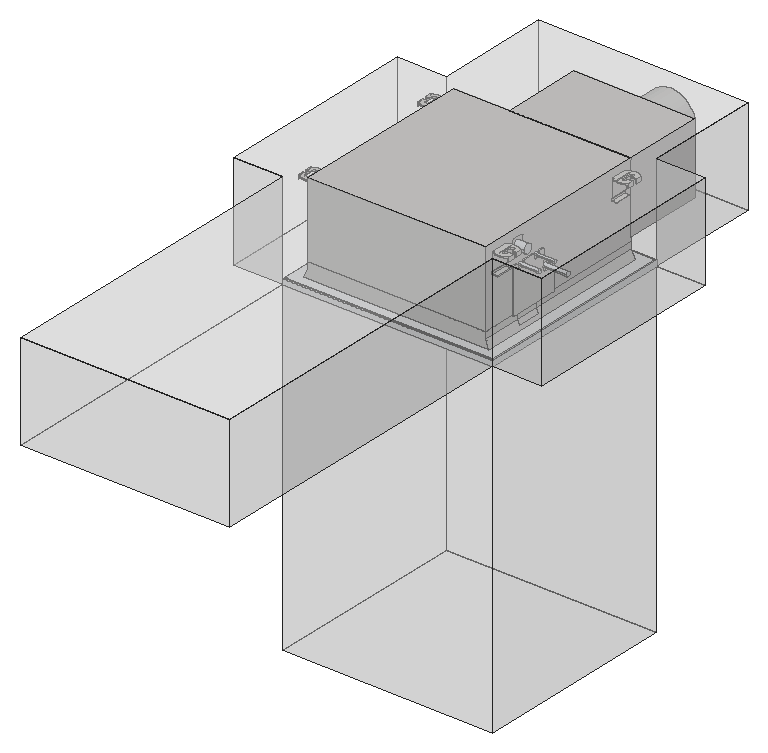
Revit family "outputfile", category 機械設備, Revit 2024
Family settings
  丸型コネクタ寸法 = 半径を使用
  種別 = なし
  パーツ タイプ = 標準
  OmniClass 番号 = 23.75.10.24.21.27.27
  OmniClass タイトル = Split System Air Conditioning Units
  作業面ベース = いいえ
  常に垂直 = はい
  ロード時にボイドで切り取り = いいえ
  注釈の向きを維持 = いいえ
  共有 = いいえ
  部屋計算ポイント = はい
Parameters (values of type "FPEBQ20AV1")
  書き出し IFC クラス(タイプ) = "IfcUnitaryEquipmentType"
  定義済み IFC タイプ(タイプ) = "AIRCONDITIONINGUNIT"
  r_OA Duct Size = OA Duct Size Diameter / 2  # 75.0 mm
  r_HP/LP Gas Pipe Size = [HP/LP Gas Pipe Size] / 2  # 4.75 mm
  製造元 = "Daikin"
  モデル = "FPEBQ20AV1"
  w_power = 270.0 mm
  w_HP/LP Gas Pipe Size = 334.0 mm
  w_gaspipe = 344.0 mm
  w_drainpipe = 303.0 mm
  w_liquidpipe = 334.0 mm
  r_Liquid Pipe Size = Liquid Pipe Size / 2  # 3.2 mm
  r_Gas Pipe Size = Gas Pipe Size / 2  # 6.35 mm
  r_Drain Pipe Size = Drain Pipe Size / 2  # 13.0 mm
  lw_OA = (Width - 295.0 mm) / 2  # 172.5 mm
  lh_liquidpipe = 176.0 mm
  lh_HP/LP Gas Pipe Size = 176.0 mm
  lh_OA = 220.0 mm
  ld_HP/LP Gas Pipe Size = 150.0 mm
  ld_OA = 100.0 mm
  Voltage_comment_50Hz = "220 - 240"
  Voltage_50Hz = 230 V
  Phase_50Hz = 1
  OA Duct Size Diameter = 150.0 mm
  Minimum Circuit Amps_50Hz = 0.6 A
  Maximum Fuse Amps_50Hz = 16.0 A
  Material_Casing = DAIKIN_GalvanizedSteel_Casing_indoorunit
  lw_drainpipe = 50.0 mm
  lw_connection = 75.0 mm
  lh_powersuply = 27.0 mm
  lh_drainpipe = 230.0 mm
  lh_gaspipe = 129.0 mm
  ld_powersuply = 100.0 mm
  ld_liquidpipe = 90.0 mm
  ld_gaspipe = 53.0 mm
  ld_drainpipe = 157.0 mm
  h_mountinghole = 254.0 mm
  h_casing = 275.0 mm
  h_antenna = h_casing - h_mountinghole + 1.0 mm  # 22.0 mm
  d_mountinghole = 456.0 mm
  Width = 640.0 mm
  w_mountinghole = 603.0 mm
  w_branch duct connection = if(Width = 1070.0 mm, 360.0 mm, 615.0 mm)  # 615.0 mm
  w_block = if(Width = 1285.0 mm, 36.5 mm, 36.0 mm)  # 36.0 mm
  Version = "ver.1.0"
  Unit Type = "Ventilating Moisture Bathroom Cassette"
  Unit Mass Weight = 22.00 kg
  Unit Designation [instance] = ""
  Uniclass2015Version = "Products v1.30"
  Uniclass2015Title = "Variable refrigerant flow units"
  Uniclass2015Code = "Pr_70_65_03_94"
  Total Cooling Capacity [instance] = 0.000 kW
  Sound Pressure Level_M speed (dBA) = 0
  Sound Pressure Level_L speed (dBA) = 26
  Sound Pressure Level_H speed (dBA) = 43
  Series = "VRV HOME_Fan Coil Unit"
  Sensible Cooling Capacity [instance] = 0.000 kW
  Refrigerant Type = "R410A"
  r_branch duct connection = if(Width = 1070.0 mm, 154.5 mm, 262.5 mm)  # 262.5 mm
  Power Input (Cooling) = 0.054 kW
  Option Accessory 3 [instance] = ""
  Option Accessory 2 [instance] = ""
  Option Accessory 1 [instance] = ""
  Nominal Cooling Capacity = 1.950 kW
  Minimum Airflow = 180.00 m³/h
  Median Airflow = 0.00 m³/h
  Maximum Airflow = 420.00 m³/h
  Load Classification = HVAC
  Liquid Pipe Size = 6.4 mm
  Link_Nested Family [instance] = ""
  l_branch duct connection = if(Width = 1070.0 mm, 282.5 mm, 374.5 mm)  # 374.5 mm
  IfcVersion = ""
  IfcExportType = "AIRCONDITIONINGUNIT"
  IfcExportAs = "IfcUnitaryEquipmentType"
  Height = 295.0 mm
  Heat Exchanger Type = "Cross Fin Coil"
  HP/LP Gas Pipe Size = 9.5 mm
  Gas Pipe Size = 12.7 mm
  Frequency_50Hz = 50 Hz
  Fan Type = "Sirocco Fan"
  Fan Drive = "Direct Drive"
  FCU Tag No. [instance] = ""
  Drain Pipe Size = 26.0 mm
  Design Supply Airflow [instance] = 0.00 m³/h
  Design Outdoor Airflow [instance] = 0.00 m³/h
  Depth = 625.0 mm
  既定の高さ = 0.0 mm
  Cooling Entering Wet Bulb Temperature [instance] = 0.00 °C
  Cooling Entering Dry Bulb Temperature [instance] = 0.00 °C
  Cooling Ambient Wet Bulb Temperature [instance] = 0.00 °C
  Cooling Ambient Dry Bulb Temperature [instance] = 0.00 °C
  Clearance visibility [instance] = yes
  Clearance Top = 0.0 mm
  Clearance Right = 150.0 mm
  Clearance Rear = 350.0 mm
  Clearance Left = 150.0 mm
  Clearance Front = 1000.0 mm
  Clearance Bottom = 1000.0 mm
  switch_Branch duct connection2 visibility = Width = 1740.0 mm  # no
  switch_Branch duct connection1 visibility = or((Width = 1070.0 mm), (Width = 1285.0 mm))  # no
Reference planes
  plane 1 "Center (Front/Back)": y = 0
  plane 2 "ceiling plane": z = 0
  plane 3 "Center (Left/Right)": x = 0
  plane 4 "Back": y = 312.5
  plane 5 "Front": y = -312.5
  plane 6 "Left": x = -320
  plane 7 "Right": x = 320
  plane 8 "Top": z = 275
  plane 9 "Bottom": z = -20
  plane 10: z = 45
  plane 11: z = 275
  plane 12: x = -301.5
  plane 13: x = 301.5
  plane 14: y = 228
  plane 15: y = -228
  plane 16: z = 254
  plane 17: x = 303
  plane 18: x = 334
  plane 19: y = -100
  plane 20 "Clearance Rear": y = 662.5
  plane 21 "Clearance Front": y = -1312.5
  plane 22 "Clearance Left": x = -470
  plane 23 "Clearance Right": x = 470
  plane 24 "Clearance Top": z = 275
  plane 25 "Clearance Bottom": z = -1000
  plane 26: y = -90
  plane 27: y = -53
  plane 28: y = -157
  plane 29: z = 27
  plane 30: z = 129
  plane 31: z = 230
  plane 32: z = 220
  plane 33: x = 160
  plane 34: y = -260
  plane 35: z = 176
  plane 36: y = -150
  plane 37: x = 344
Forms (mm)
  Extrusion 1, solid, material "DAIKIN_GalvanizedSteel_Casing_indoorunit" <- "Material_Casing"
    sketch origin (0, 0, 0) x (1, 0, 0) y (0, 1, 0)
      loop
        line (-270, 277.5) -> (-270, -277.5) -> (270, -277.5) -> (270, 277.5) -> (-270, 277.5)
    from 45 to 275
  Extrusion 2, solid
    sketch origin (0, 0, 0) x (0, 1, 0) y (0, 0, 1)
      loop
        circle (-90, 176) r 3.2
    from 270 to 334
  Extrusion 3, solid
    sketch origin (0, 0, 0) x (0, 1, 0) y (0, 0, 1)
      loop
        circle (-157, 230) r 13
    from 268 to 303
  Extrusion 4, solid
    sketch origin (0, -60, 0) x (0, 1, 0) y (0, 0, 1)
      loop
        circle (-90, 176) r 4.75
    from 270 to 334 <- "w_HP/LP Gas Pipe Size"
  Extrusion 5, solid
    sketch origin (0, 0, 0) x (0, 1, 0) y (0, 0, 1)
      loop
        circle (-53, 129) r 6.35
    from 270 to 344
  Extrusion 6, solid, material "DAIKIN_GalvanizedSteel_Casing_indoorunit" <- "Material_Casing"
    sketch origin (0, 0, 0) x (0, 1, 0) y (0, 0, 1)
      loop
        line (-173.357, 45.701) -> (-27.704, 45.701)
        arc (-27.704, 45.701) -> (-25.633, 46.606) -> (-24.781, 48.7) r 3
        line (-24.781, 48.7) -> (-24.781, 130.81)
        arc (-24.781, 130.81) -> (-25.66, 132.931) -> (-27.781, 133.81) r 3
        line (-27.781, 133.81) -> (-35.219, 133.81)
        arc (-35.219, 133.81) -> (-37.34, 132.931) -> (-38.219, 130.81) r 3
        line (-38.219, 130.81) -> (-38.219, 129)
        arc (-38.219, 129) -> (-53, 114.219) -> (-67.781, 129) r 14.781
        line (-67.781, 129) -> (-67.781, 144.567)
        arc (-67.781, 144.567) -> (-67.553, 145.715) -> (-66.903, 146.689) r 3
        line (-66.903, 146.689) -> (-63.66, 150.321)
        arc (-63.66, 150.321) -> (-63.01, 151.295) -> (-62.781, 152.443) r 3
        line (-62.781, 152.443) -> (-62.781, 177.95)
        arc (-62.781, 177.95) -> (-63.66, 180.071) -> (-65.781, 180.95) r 3
        line (-65.781, 180.95) -> (-73.98, 180.95)
        arc (-73.98, 180.95) -> (-76.102, 180.071) -> (-76.98, 177.95) r 3
        line (-76.98, 177.95) -> (-76.98, 176)
        arc (-76.98, 176) -> (-90, 162.98) -> (-103.02, 176) r 13.02
        line (-103.02, 176) -> (-103.02, 177.95)
        arc (-103.02, 177.95) -> (-103.898, 180.071) -> (-106.02, 180.95) r 3
        line (-106.02, 180.95) -> (-133.996, 180.95)
        arc (-133.996, 180.95) -> (-136.117, 180.071) -> (-136.996, 177.95) r 3
        line (-136.996, 177.95) -> (-136.996, 176)
        arc (-136.996, 176) -> (-150, 162.996) -> (-163.004, 176) r 13.004
        line (-163.004, 176) -> (-163.004, 177.95)
        arc (-163.004, 177.95) -> (-163.883, 180.071) -> (-166.004, 180.95) r 3
        line (-166.004, 180.95) -> (-173.279, 180.95)
        arc (-173.279, 180.95) -> (-175.4, 180.071) -> (-176.279, 177.95) r 3
        line (-176.279, 177.95) -> (-176.279, 48.7)
        arc (-176.279, 48.7) -> (-175.428, 46.607) -> (-173.357, 45.701) r 3
    from 270 to 277
  Extrusion 7, void
    sketch origin (0, 0, 0) x (0, 1, 0) y (0, 0, 1)
      loop
        arc (-136, 246) -> (-137.464, 249.536) -> (-141, 251) r 5
        line (-141, 251) -> (-173, 251)
        arc (-173, 251) -> (-176.536, 249.536) -> (-178, 246) r 5
        line (-178, 246) -> (-178, 214)
        arc (-178, 214) -> (-176.536, 210.464) -> (-173, 209) r 5
        line (-173, 209) -> (-141, 209)
        arc (-141, 209) -> (-137.464, 210.464) -> (-136, 214) r 5
        line (-136, 214) -> (-136, 246)
    from 268 to 270
  Extrusion 8, solid, material "DAIKIN_GalvanizedSteel_Casing_indoorunit" <- "Material_Casing"
    sketch origin (0, 0, 0) x (1, 0, 0) y (0, 0, 1)
      loop
        line (271, 25.995) -> (271, 42) -> (-271, 42) -> (-271, 25.995) -> (-277.526, 12) -> (277.526, 12) -> (271, 25.995)
    from 85 to 155
  Extrusion 9, solid, material "DAIKIN_GalvanizedSteel_Casing_indoorunit" <- "Material_Casing"
    sketch origin (0, 0, 275) x (-1, 0, 0) y (0, -1, 0)
      loop
        line (100, -277.5) -> (-270, -277.5) -> (-270, -522.5) -> (100, -522.5) -> (100, -277.5)
    from 0 to -215
  Extrusion 10, solid, material "DAIKIN_GalvanizedSteel_Casing_indoorunit" <- "Material_Casing"
    sketch origin (-5, 0, 15) x (1, 0, 0) y (0, 0, 1)
      loop
        circle (120, 170) r 75
    from -522.5 to -622.5
Cuts and joins
  Extrusion 7 cuts Extrusion 1
Dimensions and locks
  "Width": plane 6 "Left" to plane 7 "Right"
  equal spacing: plane 6 "Left", plane 3 "Center (Left/Right)", plane 7 "Right"
  equal spacing: plane 4 "Back", plane 1 "Center (Front/Back)", plane 5 "Front"
  "Depth": plane 4 "Back" to plane 5 "Front"
  plane 11 to plane 10 = 230.0 mm
  equal spacing: plane 12, plane 3 "Center (Left/Right)", plane 13
  "w_mountinghole": plane 12 to plane 13
  equal spacing: plane 15, plane 1 "Center (Front/Back)", plane 14
  "d_mountinghole": plane 15 to plane 14
  "h_mountinghole": plane 16 to level
  "lh_liquidpipe": Extrusion 2 sketch curve to level
  "Clearance Left": plane 22 "Clearance Left" to plane 6 "Left"
  "Clearance Right": plane 7 "Right" to plane 23 "Clearance Right"
  "Clearance Front": plane 5 "Front" to plane 21 "Clearance Front"
  "Clearance Rear": plane 20 "Clearance Rear" to plane 4 "Back"
  "Clearance Top": plane 24 "Clearance Top" to plane 11
  "Clearance Bottom": level to plane 25 "Clearance Bottom"
  "ld_powersuply": plane 19 to plane 1 "Center (Front/Back)"
  "ld_liquidpipe": plane 26 to plane 1 "Center (Front/Back)"
  "ld_gaspipe": plane 27 to plane 1 "Center (Front/Back)"
  "ld_drainpipe": plane 28 to plane 1 "Center (Front/Back)"
  "lh_powersuply": plane 29 to level
  "lh_gaspipe": plane 30 to level
  "lh_drainpipe": plane 31 to level
  "h_casing": plane 11 to level
  "lh_OA": plane 32 to level
  locked: plane 33 to plane 7 "Right" at 160
  locked: plane 5 "Front" to plane 34 at 52.5
  equal spacing: Extrusion 1 sketch curve, plane 3 "Center (Left/Right)", Extrusion 1 sketch curve
  locked: Extrusion 1 sketch curve to Extrusion 1 sketch curve at 540
  equal spacing: Extrusion 1 sketch curve, plane 1 "Center (Front/Back)", Extrusion 1 sketch curve
  locked: Extrusion 1 sketch curve to Extrusion 1 sketch curve at 555
  "lh_liquidpipe": plane 35 to level
  "w_drainpipe": plane 3 "Center (Left/Right)" to plane 17
  "w_liquidpipe": plane 3 "Center (Left/Right)" to plane 18
  "lh_HP/LP Gas Pipe Size": Extrusion 4 sketch curve to level
  "ld_HP/LP Gas Pipe Size": Extrusion 4 sketch curve to plane 1 "Center (Front/Back)"
  "ld_HP/LP Gas Pipe Size": plane 36 to plane 1 "Center (Front/Back)"
  "w_gaspipe": plane 3 "Center (Left/Right)" to plane 37
  locked: plane 10 to level at 45
  Extrusion 9 sketch curve to Extrusion 9 sketch curve = 370.0 mm
  Extrusion 9 sketch curve to cut or joined group of Extrusion 1, Extrusion 7 = 245.0 mm
  Extrusion 10 sketch curve to plane 3 "Center (Left/Right)" = 115.0 mm
  locked: Extrusion 10 sketch curve to plane 9 "Bottom" at 205
  "Liquid Pipe Size": diameter of Extrusion 2 sketch curve
  "Drain Pipe Size": diameter of Extrusion 3 sketch curve
  "r_HP/LP Gas Pipe Size": radius of Extrusion 4 sketch curve
  "r_Gas Pipe Size": radius of Extrusion 5 sketch curve
  "OA Duct Size Diameter": diameter of Extrusion 10 sketch curve
  aligned and locked: level to plane 2 "ceiling plane"
  aligned and locked: Extrusion 1 to plane 10
  aligned and locked: plane 11 to Extrusion 1
  aligned and locked: plane 18 to Extrusion 2
  aligned and locked: plane 17 to Extrusion 3
  aligned and locked: nested 6 to plane 19
  aligned and locked: plane 11 to plane 8 "Top"
  aligned and locked: nested 6 to plane 29
  aligned and locked: nested 7 to plane 26
  aligned and locked: plane 18 to nested 7
  aligned and locked: nested 8 to plane 27
  aligned and locked: nested 9 to plane 28
  aligned and locked: plane 17 to nested 9
  aligned and locked: plane 12 to nested 10
  aligned and locked: plane 14 to nested 10
  aligned and locked: plane 12 to nested 11
  aligned and locked: plane 15 to nested 11
  aligned and locked: plane 13 to nested 12
  aligned and locked: plane 15 to nested 12
  aligned and locked: plane 14 to nested 13
  aligned and locked: plane 13 to nested 13
  aligned and locked: plane 1 "Center (Front/Back)" to nested 15
  aligned and locked: plane 3 "Center (Left/Right)" to nested 15
  aligned and locked: plane 24 "Clearance Top" to nested 15
  aligned and locked: plane 33 to nested 14
  aligned and locked: nested 14 to plane 34
  aligned and locked: level to nested 1
  aligned and locked: plane 3 "Center (Left/Right)" to nested 1
  aligned and locked: plane 1 "Center (Front/Back)" to nested 1
  aligned and locked: plane 14 to nested 2
  aligned and locked: plane 12 to nested 2
  aligned and locked: plane 15 to nested 3
  aligned and locked: plane 12 to nested 3
  aligned and locked: nested 4 to plane 14
  aligned and locked: plane 13 to nested 4
  aligned and locked: nested 5 to plane 15
  aligned and locked: plane 13 to nested 5
  aligned and locked: plane 26 to Extrusion 2 sketch curve
  aligned and locked: plane 28 to Extrusion 3 sketch curve
  aligned and locked: plane 31 to Extrusion 3 sketch curve
  aligned and locked: nested 16 to plane 36
  aligned and locked: plane 18 to Extrusion 4
  aligned and locked: plane 30 to Extrusion 5 sketch curve
  aligned and locked: plane 27 to Extrusion 5 sketch curve
  aligned and locked: plane 37 to Extrusion 5
  aligned and locked: plane 37 to nested 8
  aligned and locked: nested 14 to plane 9 "Bottom"
  aligned and locked: plane 9 "Bottom" to nested 1
  aligned and locked: cut or joined group of Extrusion 1, Extrusion 7 to Extrusion 9 sketch curve
  aligned and locked: Extrusion 9 sketch curve to cut or joined group of Extrusion 1, Extrusion 7
  aligned and locked: Extrusion 5 to cut or joined group of Extrusion 1, Extrusion 7
  aligned and locked: Extrusion 2 to cut or joined group of Extrusion 1, Extrusion 7
  aligned and locked: Extrusion 4 to cut or joined group of Extrusion 1, Extrusion 7
  aligned and locked: nested 17 to Extrusion 10
  aligned and locked: cut or joined group of Extrusion 1, Extrusion 7 to Extrusion 3
Automatic sketch dimensions
  plane 35 to Extrusion 6 sketch curve = 0.0 mm  (x2)
  Extrusion 6 sketch curve to plane 36 = 0.0 mm
  Extrusion 6 sketch curve to plane 26 = 0.0 mm
  plane 30 to Extrusion 6 sketch curve = 0.0 mm
  Extrusion 6 sketch curve to plane 27 = 0.0 mm
  Extrusion 6 sketch curve to plane 35 = 1.95 mm  (x4)
  plane 28 to Extrusion 6 sketch curve = 6.004 mm
  Extrusion 6 sketch curve to Extrusion 6 sketch curve = 3.0 mm  (x4)
  plane 10 to Extrusion 6 sketch curve = 3.7 mm  (x2)
  plane 28 to Extrusion 6 sketch curve = 16.279 mm
  Extrusion 6 sketch curve to Extrusion 6 sketch curve = 7.275 mm
  plane 10 to Extrusion 6 sketch curve = 0.701 mm  (x2)
  Extrusion 6 sketch curve to Extrusion 6 sketch curve = 0.078 mm  (x2)
  plane 19 to Extrusion 6 sketch curve = 6.02 mm
  plane 19 to Extrusion 6 sketch curve = 3.02 mm
  Extrusion 6 sketch curve to Extrusion 6 sketch curve = 0.879 mm  (x2)
  Extrusion 6 sketch curve to Extrusion 6 sketch curve = 8.199 mm
  Extrusion 6 sketch curve to Extrusion 6 sketch curve = 1.121 mm
  Extrusion 6 sketch curve to Extrusion 6 sketch curve = 2.121 mm  (x2)
  Extrusion 6 sketch curve to plane 30 = 1.81 mm
  Extrusion 6 sketch curve to Extrusion 6 sketch curve = 7.437 mm
  Extrusion 6 sketch curve to plane 27 = 25.219 mm
  Extrusion 6 sketch curve to plane 30 = 15.567 mm
  Extrusion 6 sketch curve to Extrusion 6 sketch curve = 3.633 mm
  plane 32 to Extrusion 7 sketch curve = 6.0 mm  (x2)
  plane 28 to Extrusion 7 sketch curve = 21.0 mm
  Extrusion 7 sketch curve to Extrusion 7 sketch curve = 5.0 mm  (x3)
  Extrusion 7 sketch curve to plane 36 = 9.0 mm
  Extrusion 7 sketch curve to plane 16 = 8.0 mm
  plane 12 to Extrusion 8 sketch curve = 23.974 mm
  Extrusion 8 sketch curve to plane 10 = 3.0 mm
  plane 12 to Extrusion 8 sketch curve = 30.5 mm
  plane 29 to Extrusion 8 sketch curve = 1.005 mm  (x2)
  Extrusion 8 sketch curve to plane 13 = 30.5 mm
  Extrusion 8 sketch curve to Extrusion 8 sketch curve = 6.526 mm
  level to Extrusion 8 sketch curve = 12.0 mm
Nested families
  nested 1: "daikin_round flow_panel" at (0, 0, 0), type "moonlight white"
  nested 2: "daikin_hangerfixture_FPEBQ-AV1" at (-270, 228, 254) x (0, -1, 0) z (0, 0, 1), built-in parameter 1001364 <- "h_mountinghole", type "daikin_hangerfixture_FPEBQ-AV1"
  nested 3: "daikin_hangerfixture_FPEBQ-AV1" at (-270, -228, 254) x (0, -1, 0) z (0, 0, 1), built-in parameter 1001364 <- "h_mountinghole", type "daikin_hangerfixture_FPEBQ-AV1"
  nested 4: "daikin_hangerfixture_FPEBQ-AV1" at (270, 228, 254) x (0, -1, 0) z (0, 0, 1), built-in parameter 1001364 <- "h_mountinghole", type "daikin_hangerfixture_FPEBQ-AV1"
  nested 5: "daikin_hangerfixture_FPEBQ-AV1" at (270, -228, 254) x (0, -1, 0) z (0, 0, 1), built-in parameter 1001364 <- "h_mountinghole", type "daikin_hangerfixture_FPEBQ-AV1"
  nested 6: "daikin_connector_rotate2" at (0, -100, 27) x (0, 1, 0) z (0, 0, 1), length <- "w_power", type "daikin_connector_rotate2"
    with radius 10.0 mm, length 270.0 mm, angle_vertical 90.00°
  nested 7: "daikin_connector_rotate2" at (0, -90, 176) x (0, 1, 0) z (0, 0, 1), radius <- "r_Liquid Pipe Size", built-in parameter 1001364 <- "lh_liquidpipe", length <- "w_liquidpipe", type "daikin_connector_rotate2"
    with radius 3.2 mm, length 334.0 mm, angle_vertical 90.00°
  nested 8: "daikin_connector_rotate2" at (0, -53, 129) x (0, 1, 0) z (0, 0, 1), radius <- "r_Gas Pipe Size", built-in parameter 1001364 <- "lh_gaspipe", length <- "w_gaspipe", type "daikin_connector_rotate2"
    with radius 6.35 mm, length 344.0 mm, angle_vertical 90.00°
  nested 9: "daikin_connector_rotate2" at (0, -157, 230) x (0, 1, 0) z (0, 0, 1), radius <- "r_Drain Pipe Size", built-in parameter 1001364 <- "lh_drainpipe", length <- "w_drainpipe", type "daikin_connector_rotate2"
    with radius 13.0 mm, length 303.0 mm, angle_vertical 90.00°
  nested 10: "daikin_mountinghole" at (-301.5, 228, 0), l_antenna <- "h_antenna", Link_Nested Family <- "Link_Nested Family", h_mountinghole <- "h_mountinghole", type "daikin_mountinghole"
    with show yes, l_antenna 22.0 mm, h_mountinghole 254.0 mm, Link_Nested Family ""
  nested 11: "daikin_mountinghole" at (-301.5, -228, 0), l_antenna <- "h_antenna", Link_Nested Family <- "Link_Nested Family", h_mountinghole <- "h_mountinghole", type "daikin_mountinghole"
    with show yes, l_antenna 22.0 mm, h_mountinghole 254.0 mm, Link_Nested Family ""
  nested 12: "daikin_mountinghole" at (301.5, -228, 0), l_antenna <- "h_antenna", Link_Nested Family <- "Link_Nested Family", h_mountinghole <- "h_mountinghole", type "daikin_mountinghole"
    with show yes, l_antenna 22.0 mm, h_mountinghole 254.0 mm, Link_Nested Family ""
  nested 13: "daikin_mountinghole" at (301.5, 228, 0), l_antenna <- "h_antenna", Link_Nested Family <- "Link_Nested Family", h_mountinghole <- "h_mountinghole", type "daikin_mountinghole"
    with show yes, l_antenna 22.0 mm, h_mountinghole 254.0 mm, Link_Nested Family ""
  nested 14: "daikin_logo_plane_w40" at (160, -260, -22), type "daikin_logo_plane_w40"
    with show_logo yes
  nested 15: "daikin_clearancespace_cassette" at (0, 0, 127.5), depth_outline <- "Depth", height_outline <- "Height", width_outline <- "Width", depth_front <- "Clearance Front", depth_rear <- "Clearance Rear", height_bottom <- "Clearance Bottom", height_top <- "Clearance Top", width_left <- "Clearance Left", width_right <- "Clearance Right", show <- "Clearance visibility", visible <- "Clearance visibility", Link_Nested Family <- "Link_Nested Family", type "daikin_clearancespace_cassette"
    with width_right 150.0 mm, width_outline 640.0 mm, width_left 150.0 mm, width 1823.963 mm, show yes, height_top 0.0 mm, height_outline 295.0 mm, height_bottom 1000.0 mm, height 1359.762 mm, depth_rear 350.0 mm, depth_outline 625.0 mm, depth_front 1000.0 mm, depth 880.0 mm, Link_Nested Family ""
  nested 16: "daikin_connector_rotate2" at (0, -150, 176) x (0, 1, 0) z (0, 0, 1), built-in parameter 1001364 <- "lh_HP/LP Gas Pipe Size", length <- "w_HP/LP Gas Pipe Size", type "daikin_connector_rotate2"
    with radius 4.8 mm, length 334.0 mm, angle_vertical 90.00°
  nested 17: "daikin_connector_rotate2" at (115, 522.5, 185) x (-1, 0, 0) z (0, 0, 1), radius <- "r_OA Duct Size", type "daikin_connector_rotate2"
    with radius 75.0 mm, length 100.0 mm, angle_vertical 90.00°
Connectors
  piping at (334, -90, 176), diameter 6.4, driven by "r_Liquid Pipe Size"
    settings: on nested 7, index 5, connector inside diameter 609.6 mm, connector length 0.0 mm, flow factor 0, pipe flow 0.00 m³/h, pressure drop 0.0 Pa, fitting loss kfactor 0, connector angle 0.00°, fixture units 0, engagement length 0.0 mm, angle of deflection 0.00°, flow configuration 1, flow direction 1, fitting loss method 0, system type 29, joint type 0, gender type 0, connector reference index -1, connector utility 0, adjustable connector no, is connector primary yes, connector description "Refrigerant Liquid Piping"
  piping at (344, -53, 129), diameter 12.7, driven by "r_Gas Pipe Size"
    settings: on nested 8, index 6, connector inside diameter 609.6 mm, connector length 0.0 mm, flow factor 0, pipe flow 0.00 m³/h, pressure drop 0.0 Pa, fitting loss kfactor 0, connector angle 0.00°, fixture units 0, engagement length 0.0 mm, angle of deflection 0.00°, flow configuration 1, flow direction 2, fitting loss method 0, system type 29, joint type 0, gender type 0, connector reference index -1, connector utility 0, adjustable connector no, is connector primary no, connector description "Refrigerant Gas Piping"
  piping at (303, -157, 230), diameter 26, driven by "r_Drain Pipe Size"
    settings: on nested 9, index 7, connector inside diameter 609.6 mm, connector length 0.0 mm, flow factor 0, pipe flow 0.00 m³/h, pressure drop 0.0 Pa, fitting loss kfactor 0, connector angle 0.00°, fixture units 0, engagement length 0.0 mm, angle of deflection 0.00°, flow configuration 1, flow direction 2, fitting loss method 4, system type 16, joint type 0, gender type 0, connector reference index -1, connector utility 0, adjustable connector no, is connector primary no, connector description "Condensate Drain Piping"
  electrical at (270, -100, 27), driven by "Load Classification"
    settings: on nested 6, index 10, voltage 0 V, apparent load 0 VA, apparent load phase1 0 VA, apparent load phase2 0 VA, apparent load phase3 0 VA, power factor 1, load classification "HVAC", number of poles 1, system type 30, power factor state 1, is connector primary yes, connector utility no, sub classification motor no, connector description "Power Supply"
  piping at (334, -150, 176), diameter 9.5, driven by "r_HP/LP Gas Pipe Size"
    settings: on nested 16, index 11, connector inside diameter 609.6 mm, connector length 0.0 mm, flow factor 0, pipe flow 0.00 m³/h, pressure drop 0.0 Pa, fitting loss kfactor 0, connector angle 0.00°, fixture units 0, engagement length 0.0 mm, angle of deflection 0.00°, flow configuration 1, flow direction 0, fitting loss method 0, system type 29, joint type 0, gender type 0, connector reference index -1, connector utility 0, adjustable connector no, is connector primary no, connector description "Refrigerant HP/LP Gas Piping"
  hvac at (115, 622.5, 185), driven by "r_OA Duct Size"
    settings: on nested 17, index 12, duct flow 0.00 m³/h, flow factor 0, pres drop 0.00 Pa, loss coef 0, conn angle 0.00°, conn width 304.8 mm, conn height 304.8 mm, conn diameter 150.0 mm, duct sys type 1, conn prof type 0, flow config 0, flow direction 1, loss method 4, conn ref index -1, conn util no, is conn primary yes, conn desc "OA Duct"
Definition of nested family "daikin_round flow_panel"
  Parameters (values of type "fresh white")
    width = 640.0 mm  # constant formula
    w_casing = 564.0 mm  # constant formula
    material_panel = none
    material_casing = none
    height = 65.0 mm
    depth = 625.0 mm  # constant formula
    d_casing = 555.0 mm  # constant formula
    W = 640.0 mm
    Default Elevation = 0.0 mm
  Reference planes
    plane 1 "Center (Front/Back)": y = 0
    plane 2: z = 0
    plane 3 "Center (Left/Right)": x = 0
    plane 4: y = 312.5
    plane 5: y = -312.5
    plane 6: x = -320
    plane 7: x = 320
    plane 8 "Bottom": z = -20
    plane 9: y = 277.5
    plane 10: y = -277.5
    plane 11: x = -282
    plane 12: x = 282
    plane 13: z = 45
    plane 14: x = -300
    plane 15: x = 300
    plane 16: z = -2
  Forms (mm)
    Extrusion 1, solid, material <- "material_casing"
      sketch origin (0, 0, 0) x (1, 0, 0) y (0, 0, 1)
        loop
          line (270, 25.774) -> (270, 45) -> (-270, 45) -> (-270, 25.774) -> (-282.018, 0) -> (282.018, 0) -> (270, 25.774)
      from -277.5 to 277.5
    Extrusion 2, solid, material <- "material_panel"
      sketch origin (0, 0, 0) x (1, 0, 0) y (0, 0, 1)
        loop
          line (-317.01, 0) -> (-317.01, -2) -> (317.01, -2) -> (317.01, 0) -> (-317.01, 0)
      from -309.5 to 309.5
    Extrusion 3, solid, material <- "material_panel"
      sketch origin (0, 0, 0) x (1, 0, 0) y (0, 0, 1)
        loop
          line (-320, -2) -> (-320, -20) -> (320, -20) -> (320, -2) -> (-320, -2)
      from -312.5 to 312.5
    Extrusion 4, void
      sketch origin (-993.619, -1524, -20) x (0, -1, 0) y (-1, 0, 0)
        loop
          line (-1296, -757.819) -> (-1296, -1229.419) -> (-1246.5, -1229.419) -> (-1246.5, -757.819) -> (-1296, -757.819)
        loop
          line (-1801.5, -692.119) -> (-1801.5, -1295.119) -> (-1535.3, -1295.119) -> (-1535.3, -692.119) -> (-1801.5, -692.119)
      from 0 to -1
    Extrusion 5, solid, material <- "material_panel"
      sketch origin (-993.619, -1524, -20) x (-1, 0, 0) y (0, -1, 0)
        loop
          line (-757.819, -1296) -> (-757.819, -1246.5) -> (-1072.219, -1246.5) -> (-1072.219, -1296) -> (-757.819, -1296)
      from 0 to 1
    Extrusion 6, solid, material <- "material_panel"
      sketch origin (-993.619, -1524, -20) x (-1, 0, 0) y (0, -1, 0)
        loop
          line (-1072.219, -1296) -> (-1072.219, -1246.5) -> (-1229.419, -1246.5) -> (-1229.419, -1296) -> (-1072.219, -1296)
      from 0 to 1
    Extrusion 7, solid, material <- "material_panel"
      sketch origin (-993.619, -1524, -20) x (-1, 0, 0) y (0, -1, 0)
        loop
          line (-750.169, -1801.5) -> (-750.169, -1535.3) -> (-752.169, -1535.3) -> (-752.169, -1801.5) -> (-750.169, -1801.5)
        loop
          line (-818.744, -1535.3) -> (-823.744, -1535.3) -> (-823.744, -1801.5) -> (-818.744, -1801.5) -> (-818.744, -1535.3)
        loop
          line (-888.819, -1801.5) -> (-888.819, -1535.3) -> (-893.819, -1535.3) -> (-893.819, -1801.5) -> (-888.819, -1801.5)
        loop
          line (-991.119, -1801.5) -> (-991.119, -1535.3) -> (-996.119, -1535.3) -> (-996.119, -1801.5) -> (-991.119, -1801.5)
        loop
          line (-1093.419, -1801.5) -> (-1093.419, -1535.3) -> (-1098.419, -1535.3) -> (-1098.419, -1801.5) -> (-1093.419, -1801.5)
        loop
          line (-1163.494, -1535.3) -> (-1168.494, -1535.3) -> (-1168.494, -1801.5) -> (-1163.494, -1801.5) -> (-1163.494, -1535.3)
        loop
          line (-1235.069, -1801.5) -> (-1235.069, -1535.3) -> (-1237.069, -1535.3) -> (-1237.069, -1801.5) -> (-1235.069, -1801.5)
      from 0 to 1
    Extrusion 8, solid, material <- "material_panel"
      sketch origin (-993.619, -1524, -20) x (-1, 0, 0) y (0, -1, 0)
        loop
          line (-692.119, -1789.9) -> (-692.119, -1788.9) -> (-1295.119, -1788.9) -> (-1295.119, -1789.9) -> (-692.119, -1789.9)
        loop
          line (-692.119, -1777.8) -> (-692.119, -1776.8) -> (-1295.119, -1776.8) -> (-1295.119, -1777.8) -> (-692.119, -1777.8)
        loop
          line (-692.119, -1765.7) -> (-692.119, -1764.7) -> (-1295.119, -1764.7) -> (-1295.119, -1765.7) -> (-692.119, -1765.7)
        loop
          line (-692.119, -1753.6) -> (-692.119, -1752.6) -> (-1295.119, -1752.6) -> (-1295.119, -1753.6) -> (-692.119, -1753.6)
        loop
          line (-692.119, -1741.5) -> (-692.119, -1740.5) -> (-1295.119, -1740.5) -> (-1295.119, -1741.5) -> (-692.119, -1741.5)
        loop
          line (-692.119, -1729.4) -> (-692.119, -1728.4) -> (-1295.119, -1728.4) -> (-1295.119, -1729.4) -> (-692.119, -1729.4)
        loop
          line (-692.119, -1717.3) -> (-692.119, -1716.3) -> (-1295.119, -1716.3) -> (-1295.119, -1717.3) -> (-692.119, -1717.3)
        loop
          line (-692.119, -1705.2) -> (-692.119, -1704.2) -> (-1295.119, -1704.2) -> (-1295.119, -1705.2) -> (-692.119, -1705.2)
        loop
          line (-692.119, -1693.1) -> (-692.119, -1692.1) -> (-1295.119, -1692.1) -> (-1295.119, -1693.1) -> (-692.119, -1693.1)
        loop
          line (-692.119, -1681) -> (-692.119, -1680) -> (-1295.119, -1680) -> (-1295.119, -1681) -> (-692.119, -1681)
        loop
          line (-692.119, -1668.9) -> (-692.119, -1667.9) -> (-1295.119, -1667.9) -> (-1295.119, -1668.9) -> (-692.119, -1668.9)
        loop
          line (-692.119, -1656.8) -> (-692.119, -1655.8) -> (-1295.119, -1655.8) -> (-1295.119, -1656.8) -> (-692.119, -1656.8)
        loop
          line (-692.119, -1644.7) -> (-692.119, -1643.7) -> (-1295.119, -1643.7) -> (-1295.119, -1644.7) -> (-692.119, -1644.7)
        loop
          line (-692.119, -1632.6) -> (-692.119, -1631.6) -> (-1295.119, -1631.6) -> (-1295.119, -1632.6) -> (-692.119, -1632.6)
        loop
          line (-692.119, -1620.5) -> (-692.119, -1619.5) -> (-1295.119, -1619.5) -> (-1295.119, -1620.5) -> (-692.119, -1620.5)
        loop
          line (-692.119, -1608.4) -> (-692.119, -1607.4) -> (-1295.119, -1607.4) -> (-1295.119, -1608.4) -> (-692.119, -1608.4)
        loop
          line (-692.119, -1596.3) -> (-692.119, -1595.3) -> (-1295.119, -1595.3) -> (-1295.119, -1596.3) -> (-692.119, -1596.3)
        loop
          line (-692.119, -1584.2) -> (-692.119, -1583.2) -> (-1295.119, -1583.2) -> (-1295.119, -1584.2) -> (-692.119, -1584.2)
        loop
          line (-692.119, -1572.1) -> (-692.119, -1571.1) -> (-1295.119, -1571.1) -> (-1295.119, -1572.1) -> (-692.119, -1572.1)
        loop
          line (-692.119, -1560) -> (-692.119, -1559) -> (-1295.119, -1559) -> (-1295.119, -1560) -> (-692.119, -1560)
        loop
          line (-692.119, -1547.9) -> (-692.119, -1546.9) -> (-1295.119, -1546.9) -> (-1295.119, -1547.9) -> (-692.119, -1547.9)
      from 0 to 1
  Cuts and joins
    Extrusion 4 cuts Extrusion 1
    Extrusion 4 cuts Extrusion 2
    Extrusion 4 cuts Extrusion 3
    joined: Extrusion 7, Extrusion 8
  Dimensions and locks
    "width": plane 6 to plane 7
    "depth": plane 4 to plane 5
    equal spacing: plane 6, plane 3 "Center (Left/Right)", plane 7
    equal spacing: plane 4, plane 1 "Center (Front/Back)", plane 5
    equal spacing: plane 9, plane 1 "Center (Front/Back)", plane 10
    "d_casing": plane 9 to plane 10
    equal spacing: plane 11, plane 3 "Center (Left/Right)", plane 12
    "w_casing": plane 11 to plane 12
    "height": plane 13 to plane 8 "Bottom"
    locked: level to plane 8 "Bottom" at 20
    locked: plane 6 to plane 14 at 20
    locked: plane 15 to plane 7 at 20
    plane 3 "Center (Left/Right)" to Extrusion 1 sketch curve = 282.018 mm
    Extrusion 1 sketch curve to plane 3 "Center (Left/Right)" = 282.018 mm
    plane 3 "Center (Left/Right)" to Extrusion 2 sketch curve = 317.01 mm
    Extrusion 2 sketch curve to plane 3 "Center (Left/Right)" = 317.01 mm
    locked: level to plane 16 at 2
    plane 10 to Extrusion 4 sketch curve = 49.5 mm
    Extrusion 4 sketch curve to plane 3 "Center (Left/Right)" to Extrusion 4 sketch curve = 235.8 mm locked, 235.8 mm locked
    plane 1 "Center (Front/Back)" to Extrusion 4 sketch curve to Extrusion 4 sketch curve = 11.3 mm locked, 266.2 mm locked
    Extrusion 4 sketch curve to plane 3 "Center (Left/Right)" to Extrusion 4 sketch curve = 301.5 mm locked, 301.5 mm locked
    locked: Extrusion 5 sketch curve to plane 10 at 49.5
    Extrusion 5 sketch curve to plane 3 "Center (Left/Right)" to Extrusion 5 sketch curve = 235.8 mm locked, 78.6 mm locked
    locked: plane 3 "Center (Left/Right)" to Extrusion 6 sketch curve at 235.8
    Extrusion 7 sketch curve to Extrusion 7 sketch curve to Extrusion 7 sketch curve to Extrusion 7 sketch curve to Extrusion 7 sketch curve to Extrusion 7 sketch curve to Extrusion 7 sketch curve to Extrusion 7 sketch curve to Extrusion 7 sketch curve to Extrusion 7 sketch curve to Extrusion 7 sketch curve to Extrusion 7 sketch curve to Extrusion 7 sketch curve to Extrusion 7 sketch curve = 2.0 mm locked, 66.575 mm locked, 5.0 mm locked, 65.075 mm locked, 5.0 mm locked, 97.3 mm locked, 5.0 mm locked, 97.3 mm locked, 5.0 mm locked, 65.075 mm locked, 5.0 mm locked, 66.575 mm locked, 2.0 mm locked
    aligned and locked: level to plane 2
    aligned and locked: level to Extrusion 1 sketch curve
    aligned and locked: Extrusion 2 to plane 16
    aligned and locked: plane 10 to Extrusion 4 sketch curve
    aligned and locked: plane 10 to Extrusion 5 sketch curve
    aligned and locked: Extrusion 6 sketch curve to Extrusion 5  (x2)
    aligned and locked: plane 10 to Extrusion 6 sketch curve
  Automatic sketch dimensions
    Extrusion 2 sketch curve to level = 0.0 mm
    Extrusion 2 sketch curve to level = 2.0 mm
    Extrusion 3 sketch curve to plane 6 = 0.0 mm
    Extrusion 3 sketch curve to plane 7 = 0.0 mm
    Extrusion 3 sketch curve to plane 8 "Bottom" = 0.0 mm
    Extrusion 3 sketch curve to plane 16 = 0.0 mm
    Extrusion 7 sketch curve to plane 9 = 0.0 mm  (x7)
    Extrusion 7 sketch curve to plane 12 = 38.55 mm
    Extrusion 7 sketch curve to plane 1 "Center (Front/Back)" = 11.3 mm  (x7)
    plane 15 to Extrusion 8 sketch curve = 1.5 mm  (x21)
    Extrusion 8 sketch curve to plane 14 = 1.5 mm  (x21)
    Extrusion 8 sketch curve to plane 9 = 11.6 mm
    Extrusion 8 sketch curve to Extrusion 8 sketch curve = 1.0 mm  (x21)
    Extrusion 8 sketch curve to Extrusion 8 sketch curve = 11.1 mm  (x20)
    Extrusion 1 sketch curve to plane 13 = 0.0 mm
    plane 11 to Extrusion 1 sketch curve = 12.0 mm
    Extrusion 1 sketch curve to plane 12 = 12.0 mm
    Extrusion 1 sketch curve to plane 13 = 19.226 mm
    Extrusion 1 sketch curve to Extrusion 1 sketch curve = 19.226 mm
Definition of nested family "daikin_hangerfixture_FPEBQ-AV1"
  Parameters (values of type "daikin_hangerfixture_FXCQ-BVM")
    width = 76.0 mm
    material = none
    height = 152.0 mm
    depth = 45.0 mm
    Default Elevation = 0.0 mm
  Reference planes
    plane 1 "Center (Front/Back)": y = 0
    plane 2: z = 0
    plane 3 "Center (Left/Right)": x = 0
    plane 4: y = 417.146
    plane 5: z = -1.6
    plane 6: z = -152
    plane 7: y = -2.5
    plane 8: z = -12
    plane 9: y = -45
    plane 10: x = -38
    plane 11: x = 38
    plane 12: y = -31.5
  Forms (mm)
    Extrusion 1, solid, material <- "material"
      sketch origin (0, 0, 0) x (1, 0, 0) y (0, 1, 0)
        loop
          line (-12.5, -25.5) -> (12.5, -25.5)
          arc (12.5, -25.5) -> (18.5, -31.5) -> (12.5, -37.5) r 6
          line (12.5, -37.5) -> (8.5, -37.5)
          arc (8.5, -37.5) -> (7.086, -38.086) -> (6.5, -39.5) r 2
          line (6.5, -39.5) -> (6.5, -51.1) -> (23, -51.1) -> (23, -49.5)
          arc (23, -49.5) -> (29.653, -40.04) -> (32, -28.715) r 28.5
          line (32, -28.715) -> (32, -14.872)
          arc (32, -14.872) -> (31.833, -14.073) -> (31.361, -13.407) r 2
          line (31.361, -13.407) -> (25.639, -8.093)
          arc (25.639, -8.093) -> (25.167, -7.427) -> (25, -6.628) r 2
          line (25, -6.628) -> (25, 0) -> (-25, 0) -> (-25, -6.628)
          arc (-25, -6.628) -> (-25.167, -7.427) -> (-25.639, -8.093) r 2
          line (-25.639, -8.093) -> (-31.361, -13.407)
          arc (-31.361, -13.407) -> (-31.833, -14.073) -> (-32, -14.872) r 2
          line (-32, -14.872) -> (-32, -28.715)
          arc (-32, -28.715) -> (-29.653, -40.04) -> (-23, -49.5) r 28.5
          line (-23, -49.5) -> (-23, -51.1) -> (-6.5, -51.1) -> (-6.5, -39.5)
          arc (-6.5, -39.5) -> (-7.086, -38.086) -> (-8.5, -37.5) r 2
          line (-8.5, -37.5) -> (-12.5, -37.5)
          arc (-12.5, -37.5) -> (-18.5, -31.5) -> (-12.5, -25.5) r 6
      from 0 to -1.6
    Extrusion 2, solid, material <- "material"
      sketch origin (0, 0, 0) x (1, 0, 0) y (0, 1, 0)
        loop
          line (-23, -49.5) -> (-23, -51.1) -> (-6.5, -51.1) -> (-6.5, -49.5) -> (-23, -49.5)
        loop
          line (6.5, -49.5) -> (6.5, -51.1) -> (23, -51.1) -> (23, -49.5) -> (6.5, -49.5)
      from 0 to -11.6
    Extrusion 3, solid, material <- "material"
      sketch origin (0, 0, 0) x (0, 1, 0) y (0, 0, 1)
        loop
          line (-14, -4.6) -> (-4.6, -4.6) -> (-4.6, -53.6) -> (-1.6, -56.601) -> (-1.6, -62) -> (-17, -62) -> (-17, -63.6) -> (0, -63.6) -> (0, -1.6) -> (-17.001, -1.6) -> (-14, -4.6)
      from -25 to 25
  Cuts and joins
    joined: Extrusion 1, Extrusion 2, Extrusion 3
  Dimensions and locks
    plane 2 to plane 5 = 1.6 mm
    "height": plane 2 to plane 6
    plane 7 to plane 1 "Center (Front/Back)" = 2.5 mm
    locked: plane 2 to plane 8 at 12
    "depth": plane 9 to plane 1 "Center (Front/Back)"
    equal spacing: plane 10, plane 3 "Center (Left/Right)", plane 11
    "width": plane 10 to plane 11
    aligned and locked: level to plane 2
    aligned and locked: Extrusion 1 to plane 5
    aligned and locked: plane 2 to Extrusion 1
  Automatic sketch dimensions
    plane 1 "Center (Front/Back)" to Extrusion 1 sketch curve = 0.0 mm
    plane 10 to Extrusion 1 sketch curve = 6.0 mm
    Extrusion 1 sketch curve to Extrusion 1 sketch curve = 0.639 mm  (x3)
    Extrusion 1 sketch curve to Extrusion 1 sketch curve = 2.0 mm  (x4)
    Extrusion 1 sketch curve to Extrusion 1 sketch curve = 4.361 mm
    Extrusion 1 sketch curve to plane 7 = 5.593 mm  (x2)
    Extrusion 1 sketch curve to Extrusion 1 sketch curve = 1.361 mm  (x2)
    Extrusion 1 sketch curve to plane 9 = 6.1 mm  (x2)
    Extrusion 1 sketch curve to plane 3 "Center (Left/Right)" = 23.0 mm
    plane 9 to Extrusion 1 sketch curve = 7.5 mm
    Extrusion 1 sketch curve to plane 3 "Center (Left/Right)" = 12.5 mm
    Extrusion 1 sketch curve to Extrusion 1 sketch curve = 4.0 mm  (x2)
    Extrusion 1 sketch curve to plane 3 "Center (Left/Right)" = 3.5 mm
    plane 3 "Center (Left/Right)" to Extrusion 1 sketch curve = 3.5 mm
    plane 3 "Center (Left/Right)" to Extrusion 1 sketch curve = 6.5 mm
    Extrusion 1 sketch curve to plane 11 = 15.0 mm
    Extrusion 1 sketch curve to plane 7 = 4.128 mm
    Extrusion 1 sketch curve to plane 11 = 13.0 mm
    Extrusion 1 sketch curve to plane 11 = 8.0 mm
    Extrusion 1 sketch curve to Extrusion 1 sketch curve = 1.6 mm  (x2)
    plane 9 to Extrusion 1 sketch curve = 5.5 mm
    Extrusion 1 sketch curve to Extrusion 1 sketch curve = 6.0 mm
    Extrusion 1 sketch curve to Extrusion 1 sketch curve = 6.779 mm  (x2)
    Extrusion 2 sketch curve to plane 9 = 6.1 mm
    plane 10 to Extrusion 2 sketch curve = 15.0 mm
    Extrusion 2 sketch curve to plane 3 "Center (Left/Right)" = 6.5 mm
    plane 3 "Center (Left/Right)" to Extrusion 2 sketch curve = 6.5 mm
    Extrusion 2 sketch curve to plane 9 = 4.5 mm
    Extrusion 2 sketch curve to plane 11 = 15.0 mm
    Extrusion 2 sketch curve to Extrusion 2 sketch curve = 1.6 mm  (x2)
    Extrusion 3 sketch curve to plane 5 = 0.0 mm
    Extrusion 3 sketch curve to plane 5 = 3.0 mm
    Extrusion 3 sketch curve to plane 7 = 14.501 mm
    Extrusion 3 sketch curve to Extrusion 3 sketch curve = 3.001 mm  (x2)
    Extrusion 3 sketch curve to plane 7 = 2.1 mm
    Extrusion 3 sketch curve to plane 8 = 41.6 mm
    plane 7 to Extrusion 3 sketch curve = 0.9 mm
    Extrusion 3 sketch curve to Extrusion 3 sketch curve = 5.399 mm
    Extrusion 3 sketch curve to plane 7 = 14.5 mm
    Extrusion 3 sketch curve to plane 1 "Center (Front/Back)" = 0.0 mm
    Extrusion 3 sketch curve to Extrusion 3 sketch curve = 1.6 mm
Definition of nested family "daikin_logo_plane_w40"
  Parameters (values of type "daikin_logo_plane_w40")
    width = 40.0 mm
    show_logo [instance] = yes
    material = none
    height = 0.0 mm
    depth = 0.0 mm
    Default Elevation = 0.0 mm
  Reference planes
    plane 1 "Center (Front/Back)": y = 0
    plane 2: z = 0
    plane 3 "Center (Left/Right)": x = 0
    plane 4: z = 2
    plane 5 "left": x = -19
    plane 6: x = 19
  Forms (mm)
    Extrusion 1, solid, visible <- "show_logo"
      sketch origin (-19, 0, 0) x (1, 0, 0) y (0, 1, 0)
        loop
          line (8.902, -1.878) -> (7.789, -6.332) -> (11.13, -6.332)
          arc (11.13, -6.332) -> (12.454, -6.064) -> (13.472, -5.176) r 2.642
          arc (13.472, -5.176) -> (13.92, -4.02) -> (13.767, -2.79) r 2.537
          arc (13.767, -2.79) -> (13.452, -2.342) -> (12.982, -2.06) r 1.321
          arc (12.982, -2.06) -> (12.063, -1.902) -> (11.13, -1.878) r 6.479
          line (11.13, -1.878) -> (8.902, -1.878)
        loop
          line (10.016, -5.441) -> (10.907, -5.441)
          arc (10.907, -5.441) -> (11.591, -4.983) -> (11.988, -4.261) r 1.742
          spline (11.988, -4.261) -> (12.01, -4.155) -> (12.027, -4.03) -> (12.037, -3.893) -> (12.037, -3.747) -> (12.026, -3.598) -> (12.002, -3.451) -> (11.962, -3.31) -> (11.905, -3.181) -> (11.829, -3.069) -> (11.731, -2.978) -> (11.61, -2.913) -> (11.464, -2.88)
          line (11.464, -2.88) -> (10.573, -2.88) -> (10.016, -5.441)
        loop
          line (13.58, -6.332) -> (14.805, -6.332) -> (15.223, -5.553) -> (16.977, -5.553) -> (17.144, -6.332) -> (19.149, -6.332) -> (18.258, -1.878) -> (16.03, -1.878) -> (13.58, -6.332)
        loop
          line (16.476, -3.214) -> (15.76, -4.551) -> (16.762, -4.551) -> (16.476, -3.214)
        loop
          line (19.705, -6.332) -> (21.599, -6.332) -> (22.712, -1.878) -> (20.819, -1.878) -> (19.705, -6.332)
        loop
          line (22.712, -6.332) -> (24.606, -6.332) -> (24.908, -5.122) -> (25.831, -6.332) -> (28.17, -6.332) -> (26.388, -3.994) -> (28.949, -1.878) -> (26.945, -1.878) -> (25.401, -3.153) -> (25.719, -1.878) -> (23.826, -1.878) -> (22.712, -6.332)
        loop
          line (29.84, -1.878) -> (28.615, -6.332) -> (30.62, -6.332) -> (31.734, -1.878) -> (29.84, -1.878)
        loop
          line (31.734, -6.332) -> (33.07, -6.332) -> (33.7, -3.814) -> (34.518, -6.332) -> (36.745, -6.332) -> (37.859, -1.878) -> (36.523, -1.878) -> (35.845, -4.589) -> (34.963, -1.878) -> (32.847, -1.878) -> (31.734, -6.332)
      from 0 to 2
    Extrusion 2, solid, visible <- "show_logo"
      sketch origin (-19, 0, 0) x (1, 0, 0) y (0, 1, 0)
        loop
          line (8.7, 0) -> (4.235, 0) -> (0, -3.879) -> (0, -8) -> (8.7, 0)
      from 0 to 2
    Extrusion 3, solid, visible <- "show_logo"
      sketch origin (-19, 0, 0) x (1, 0, 0) y (0, 1, 0)
        loop
          line (0, 0) -> (0, -3.879) -> (4.235, 0) -> (0, 0)
      from 0 to 2
  Dimensions and locks
    plane 4 to plane 2 = 2.0 mm
    equal spacing: plane 5 "left", plane 3 "Center (Left/Right)", plane 6
    locked: plane 5 "left" to plane 6 at 38
    aligned and locked: level to plane 2
    aligned and locked: Extrusion 3 to plane 1 "Center (Front/Back)"  (x2)
    aligned and locked: Extrusion 2 to plane 1 "Center (Front/Back)"  (x2)
    aligned and locked: plane 4 to Extrusion 1
    aligned and locked: plane 4 to Extrusion 3
    aligned and locked: plane 4 to Extrusion 2
    aligned and locked: Extrusion 3 to plane 5 "left"
    aligned and locked: Extrusion 2 to plane 5 "left"
  Automatic sketch dimensions
    Extrusion 1 sketch curve to Extrusion 1 sketch curve = 0.901 mm
    Extrusion 1 sketch curve to Extrusion 1 sketch curve = 1.559 mm
    Extrusion 1 sketch curve to Extrusion 1 sketch curve = 1.327 mm
    Extrusion 1 sketch curve to Extrusion 1 sketch curve = 2.145 mm
    Extrusion 1 sketch curve to Extrusion 1 sketch curve = 1.448 mm
    Extrusion 1 sketch curve to Extrusion 1 sketch curve = 2.116 mm
    Extrusion 1 sketch curve to Extrusion 1 sketch curve = 1.114 mm  (x4)
    Extrusion 1 sketch curve to Extrusion 1 sketch curve = 1.336 mm  (x2)
    plane 1 "Center (Front/Back)" to Extrusion 1 sketch curve = 1.878 mm  (x5)
    Extrusion 1 sketch curve to Extrusion 1 sketch curve = 1.893 mm  (x5)
    Extrusion 1 sketch curve to Extrusion 1 sketch curve = 0.891 mm  (x4)
    Extrusion 1 sketch curve to Extrusion 1 sketch curve = 2.005 mm  (x3)
    Extrusion 1 sketch curve to Extrusion 1 sketch curve = 0.445 mm  (x2)
    plane 1 "Center (Front/Back)" to Extrusion 1 sketch curve = 3.994 mm
    Extrusion 1 sketch curve to Extrusion 1 sketch curve = 0.557 mm  (x2)
    Extrusion 1 sketch curve to Extrusion 1 sketch curve = 2.339 mm  (x2)
    Extrusion 1 sketch curve to Extrusion 1 sketch curve = 1.225 mm  (x3)
    plane 1 "Center (Front/Back)" to Extrusion 1 sketch curve = 3.153 mm
    Extrusion 1 sketch curve to Extrusion 1 sketch curve = 0.987 mm
    plane 1 "Center (Front/Back)" to Extrusion 1 sketch curve = 5.122 mm
    Extrusion 1 sketch curve to Extrusion 1 sketch curve = 0.922 mm
    plane 1 "Center (Front/Back)" to Extrusion 1 sketch curve = 6.332 mm
    Extrusion 1 sketch curve to Extrusion 1 sketch curve = 2.562 mm
    plane 1 "Center (Front/Back)" to Extrusion 1 sketch curve = 5.553 mm
    Extrusion 1 sketch curve to Extrusion 1 sketch curve = 0.167 mm
    Extrusion 1 sketch curve to Extrusion 1 sketch curve = 0.215 mm
    plane 1 "Center (Front/Back)" to Extrusion 1 sketch curve = 3.214 mm
    Extrusion 1 sketch curve to Extrusion 1 sketch curve = 0.286 mm
    plane 1 "Center (Front/Back)" to Extrusion 1 sketch curve = 4.551 mm
    Extrusion 1 sketch curve to Extrusion 1 sketch curve = 1.002 mm
    Extrusion 1 sketch curve to Extrusion 1 sketch curve = 0.537 mm
    Extrusion 1 sketch curve to Extrusion 1 sketch curve = 0.418 mm
    Extrusion 1 sketch curve to Extrusion 1 sketch curve = 1.028 mm
    plane 1 "Center (Front/Back)" to Extrusion 1 sketch curve = 4.261 mm
    Extrusion 1 sketch curve to Extrusion 1 sketch curve = 0.563 mm
    plane 1 "Center (Front/Back)" to Extrusion 1 sketch curve = 2.88 mm
    Extrusion 1 sketch curve to Extrusion 1 sketch curve = 1.088 mm
    Extrusion 1 sketch curve to Extrusion 1 sketch curve = 2.152 mm
    Extrusion 1 sketch curve to Extrusion 1 sketch curve = 0.586 mm
    Extrusion 1 sketch curve to Extrusion 1 sketch curve = 0.118 mm
    Extrusion 1 sketch curve to Extrusion 1 sketch curve = 0.298 mm
    Extrusion 1 sketch curve to Extrusion 1 sketch curve = 0.334 mm
    Extrusion 1 sketch curve to Extrusion 1 sketch curve = 0.223 mm
    Extrusion 1 sketch curve to Extrusion 1 sketch curve = 0.266 mm
    Extrusion 1 sketch curve to Extrusion 1 sketch curve = 1.671 mm
    Extrusion 1 sketch curve to Extrusion 1 sketch curve = 2.227 mm
    Extrusion 1 sketch curve to Extrusion 1 sketch curve = 0.0 mm  (x7)
    Extrusion 1 sketch curve to Extrusion 1 sketch curve = 3.453 mm
    Extrusion 1 sketch curve to Extrusion 1 sketch curve = 2.017 mm
    Extrusion 1 sketch curve to Extrusion 1 sketch curve = 0.78 mm  (x2)
    Extrusion 1 sketch curve to Extrusion 1 sketch curve = 1.743 mm
    Extrusion 1 sketch curve to Extrusion 1 sketch curve = 0.775 mm
    Extrusion 1 sketch curve to Extrusion 1 sketch curve = 0.552 mm
    Extrusion 1 sketch curve to Extrusion 1 sketch curve = 0.014 mm
    Extrusion 1 sketch curve to Extrusion 1 sketch curve = 0.952 mm
    Extrusion 1 sketch curve to Extrusion 1 sketch curve = 1.215 mm
    Extrusion 1 sketch curve to Extrusion 1 sketch curve = 0.108 mm
    plane 1 "Center (Front/Back)" to Extrusion 2 sketch curve = 0.0 mm
    Extrusion 2 sketch curve to plane 3 "Center (Left/Right)" = 19.0 mm
    Extrusion 2 sketch curve to plane 3 "Center (Left/Right)" = 14.765 mm
    Extrusion 2 sketch curve to Extrusion 2 sketch curve = 4.465 mm
    plane 1 "Center (Front/Back)" to Extrusion 2 sketch curve = 3.879 mm
    Extrusion 2 sketch curve to Extrusion 2 sketch curve = 4.12 mm
    plane 1 "Center (Front/Back)" to Extrusion 3 sketch curve = 0.0 mm
    Extrusion 3 sketch curve to plane 3 "Center (Left/Right)" = 19.0 mm
    Extrusion 3 sketch curve to plane 3 "Center (Left/Right)" = 14.765 mm
    plane 1 "Center (Front/Back)" to Extrusion 3 sketch curve = 3.879 mm
    Extrusion 1 sketch curve to plane 3 "Center (Left/Right)" = 11.211 mm
    Extrusion 1 sketch curve to Extrusion 1 sketch curve = 1.782 mm
Definition of nested family "daikin_clearancespace_cassette"
  Parameters (values of type "daikin_clearancespace_cassette")
    Description = "daikin_clearancespace"
    width_right [instance] = 260.0 mm
    width_outline [instance] = 1303.963 mm
    width_left [instance] = 260.0 mm
    width [instance] = 1823.963 mm
    show [instance] = yes
    material = none
    height_top [instance] = 299.643 mm
    height_outline [instance] = 760.238 mm
    height_bottom [instance] = 299.881 mm
    height [instance] = 1359.762 mm
    depth_rear [instance] = 200.0 mm
    depth_outline [instance] = 480.0 mm
    depth_front [instance] = 200.0 mm
    depth [instance] = 880.0 mm
    Default Elevation = 0.0 mm
    Link_Nested Family [instance] = ""
  Reference planes
    plane 1 "Center (Front/Back)": y = 0
    plane 2 "Center (Elevation)": z = -0.119
    plane 3 "Center (Left/Right)": x = 0
    plane 4: y = 440
    plane 5: y = -440
    plane 6 "Right": x = 911.982
    plane 7 "Left": x = -911.982
    plane 8 "Top": z = 679.762
    plane 9 "Bottom": z = -680
    plane 10: y = 240
    plane 11: y = -240
    plane 12 "left_outline": x = -651.982
    plane 13 "right_outline": x = 651.982
    plane 14 "top_outline": z = 380.119
    plane 15 "bottom_outline": z = -380.119
  Forms (mm)
    Extrusion 1, solid, material <- "material", visible <- "show"
      sketch origin (0, 0, 0) x (1, 0, 0) y (0, 1, 0)
        loop
          line (-651.982, 440) -> (-651.982, 240) -> (-911.982, 240) -> (-911.982, -240) -> (-651.982, -240) -> (-651.982, -440) -> (651.982, -440) -> (651.982, -240) -> (911.982, -240) -> (911.982, 240) -> (651.982, 240) -> (651.982, 440) -> (-651.982, 440)
      from -380.119 to 380.119
    Extrusion 2, solid, material <- "material", visible <- "show"
      sketch origin (0, 0, 0) x (1, 0, 0) y (0, 1, 0)
        loop
          line (-651.982, 240) -> (-651.982, -240) -> (651.982, -240) -> (651.982, 240) -> (-651.982, 240)
      from -680 to 679.762
  Cuts and joins
    joined: Extrusion 1, Extrusion 2
  Lines and regions (mm)
    symbolic lines, visible <- "show"
      curve 1: line (651.982, 440, 0) -> (-651.982, 440, 0)
      curve 2: line (-911.982, 240, 0) -> (-911.982, -240, 0)
      curve 3: line (-651.982, -440, 0) -> (651.982, -440, 0)
      curve 4: line (911.982, -240, 0) -> (911.982, 240, 0)
      curve 5: line (-651.982, 0, 380.119) -> (-911.982, 0, 380.119)
      curve 6: line (911.982, 0, -380.119) -> (911.982, 0, 380.119)
      curve 7: line (-911.982, 0, 380.119) -> (-911.982, 0, -380.119)
      curve 8: line (0, 440, 380.119) -> (0, 240, 380.119)
      curve 9: line (0, -440, 380.119) -> (0, -440, -380.119)
      curve 10: line (0, 440, -380.119) -> (0, 440, 380.119)
      curve 11: line (0, 240, -380.119) -> (0, 440, -380.119)
      curve 12: line (-651.982, 240, 0) -> (-911.982, 240, 0)
      curve 13: line (-651.982, 440, 0) -> (-651.982, 240, 0)
      curve 14: line (651.982, 240, 0) -> (651.982, 440, 0)
      curve 15: line (911.982, 240, 0) -> (651.982, 240, 0)
      curve 16: line (651.982, -240, 0) -> (911.982, -240, 0)
      curve 17: line (651.982, -440, 0) -> (651.982, -240, 0)
      curve 18: line (-651.982, -240, 0) -> (-651.982, -440, 0)
      curve 19: line (-911.982, -240, 0) -> (-651.982, -240, 0)
      curve 20: line (651.982, 0, -680) -> (651.982, 0, 679.762)
      curve 21: line (-651.982, 0, 679.762) -> (-651.982, 0, -680)
      curve 22: line (0, -240, 679.762) -> (0, -240, -680)
      curve 23: line (0, 240, -680) -> (0, 240, 679.762)
    symbolic lines
      curve 24: line (-651.982, 0, -680) -> (651.982, 0, -680)
      curve 25: line (-651.982, 0, -380.119) -> (-911.982, 0, -380.119)
      curve 26: line (911.982, 0, -380.119) -> (651.982, 0, -380.119)
      curve 27: line (0, -240, -680) -> (0, 240, -680)
      curve 28: line (0, -440, -380.119) -> (0, -240, -380.119)
      curve 29: line (651.982, 0, 679.762) -> (-651.982, 0, 679.762)
      curve 30: line (0, 240, 679.762) -> (0, -240, 679.762)
      curve 31: line (651.982, 0, 380.119) -> (911.982, 0, 380.119)
      curve 32: line (0, -240, 380.119) -> (0, -440, 380.119)
  Dimensions and locks
    equal spacing: plane 10, plane 1 "Center (Front/Back)", plane 11
    equal spacing: plane 12 "left_outline", plane 3 "Center (Left/Right)", plane 13 "right_outline"
    "width_outline": plane 12 "left_outline" to plane 13 "right_outline"
    "depth_outline": plane 10 to plane 11
    equal spacing: plane 14 "top_outline", level, plane 15 "bottom_outline"
    "height_outline": plane 14 "top_outline" to plane 15 "bottom_outline"
    "height_top": plane 8 "Top" to plane 14 "top_outline"
    "height_bottom": plane 15 "bottom_outline" to plane 9 "Bottom"
    "width_right": plane 13 "right_outline" to plane 6 "Right"
    "width_left": plane 7 "Left" to plane 12 "left_outline"
    "depth_rear": plane 4 to plane 10
    "depth_front": plane 11 to plane 5
    aligned and locked: level to plane 2 "Center (Elevation)"
    aligned and locked: Extrusion 1 sketch curve to plane 4
    aligned and locked: plane 7 "Left" to Extrusion 1 sketch curve
    aligned and locked: Extrusion 1 sketch curve to plane 5
    aligned and locked: Extrusion 1 sketch curve to plane 6 "Right"
    aligned and locked: curve 1 to Extrusion 1
    aligned and locked: curve 2 to Extrusion 1
    aligned and locked: curve 3 to Extrusion 1
    aligned and locked: curve 4 to Extrusion 1
    aligned and locked: curve 6 to Extrusion 1
    aligned and locked: curve 7 to Extrusion 1
    aligned and locked: curve 8 to Extrusion 1
    aligned and locked: curve 9 to Extrusion 1
    aligned and locked: curve 10 to Extrusion 1
    aligned and locked: Extrusion 1 to curve 11
    aligned and locked: Extrusion 1 to plane 11  (x2)
    aligned and locked: plane 13 "right_outline" to Extrusion 1  (x2)
    aligned and locked: Extrusion 1 to plane 12 "left_outline"  (x2)
    aligned and locked: plane 10 to Extrusion 1  (x2)
    aligned and locked: plane 14 "top_outline" to Extrusion 1
    aligned and locked: Extrusion 1 to plane 15 "bottom_outline"
    aligned and locked: plane 14 "top_outline" to curve 5
    aligned and locked: curve 20 to Extrusion 1
    aligned and locked: curve 21 to Extrusion 1
    aligned and locked: curve 22 to Extrusion 1
    aligned and locked: curve 23 to Extrusion 1
    aligned and locked: Extrusion 2 sketch curve to Extrusion 1  (x4)
    aligned and locked: Extrusion 2 to plane 9 "Bottom"
    aligned and locked: curve 24 to cut or joined group of Extrusion 1, Extrusion 2
    aligned and locked: curve 25 to cut or joined group of Extrusion 1, Extrusion 2
    aligned and locked: curve 27 to cut or joined group of Extrusion 1, Extrusion 2
    aligned and locked: curve 28 to cut or joined group of Extrusion 1, Extrusion 2
    aligned and locked: plane 8 "Top" to Extrusion 2
    aligned and locked: curve 29 to cut or joined group of Extrusion 1, Extrusion 2
    aligned and locked: curve 30 to cut or joined group of Extrusion 1, Extrusion 2
    aligned and locked: plane 8 "Top" to curve 22
    aligned and locked: curve 31 to cut or joined group of Extrusion 1, Extrusion 2
    aligned and locked: cut or joined group of Extrusion 1, Extrusion 2 to curve 32
  Automatic sketch dimensions
    Extrusion 1 sketch curve to plane 12 "left_outline" = 0.0 mm  (x2)
    Extrusion 1 sketch curve to plane 11 = 0.0 mm  (x2)
    Extrusion 1 sketch curve to plane 10 = 0.0 mm  (x2)
    Extrusion 1 sketch curve to plane 13 "right_outline" = 0.0 mm  (x2)
    curve 1 to plane 12 "left_outline" = 0.0 mm
    curve 3 to plane 12 "left_outline" = 0.0 mm
    curve 3 to plane 13 "right_outline" = 0.0 mm
    curve 1 to plane 13 "right_outline" = 0.0 mm
    curve 4 to plane 11 = 0.0 mm
    curve 2 to plane 10 = 0.0 mm
    curve 14 to plane 10 = 0.0 mm
    curve 18 to plane 11 = 0.0 mm
    curve 6 to plane 15 "bottom_outline" = 0.0 mm
